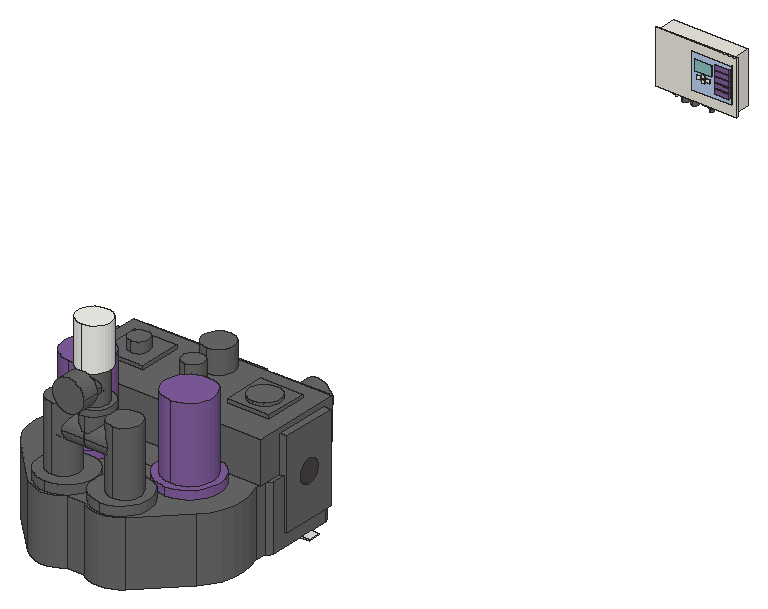
Revit family "28629-c", category Generic Models, Revit 2021
Family settings
  Can host rebar = No
  Round Connector Dimension = Use Diameter
  Part Type = Normal
  Work Plane-Based = No
  Always vertical = Yes
  Cut with Voids When Loaded = No
  Shared = Yes
  Room Calculation Point = No
Parameters (values of type "28629-C")
  SUPPLIER = "KESSEL"
  SA700ID50 = "intern"
  SA700ID49 = "Protection Class I"
  SA700ID48 = "no"
  SA700ID47 = "no"
  SA700ID46 = "yes"
  SA700ID37 = 7000 mm
  SA700ID34 = 38
  SA700ID33 = 1.6 W
  SA700ID32 = 82.00 kg
  SA700ID31 = 1
  SA700ID30 = 2
  SA700ID29 = "RWDR"
  SA700ID21 = 700
  SA700ID10 = "No"
  SA700ID08 = 230 V
  PROCUREWEBLINK = "https://p.caden.as/kessel/28629-C"
  PROCURELINK = "p.caden.as/kessel/28629-C"
  PROCUREDATALASTUPDATE = "2024-05-22T12:17:38.139643796+01:00"
  PRC_SPECIFICATIONLINK = "https://ausschreiben.de/catalog/kessel/catalogItem/acb13c7c-ece4-4828-b82b-6affd5f2e5dd"
  NN = "Lifting station Aqualift F"
  NBSYN = "$SA810ID03."
  NB = "28629-C"
  Model = "28629-C"
  Manufacturer = "KESSEL"
  MIdent = "{$CADENAS_DATA/23d-libs/kessel/kessel_vdi_import/4/entwaesserung/hebeanlage20aqualift20f.prj},202 {STYP=ASS},{VTYP=3D},{NB=28629-C},{LINA=28629-C},{NN=Lifting station Aqualift F},{DATE=21.11.2022 10:45:45},{GEOMDATE=21.11.2022 10:45:45},{VERSION=},{LINEID=160},{WBVAR=LODLEVEL},{WBNUMERIC=LODLEVEL}  {NB=28629-C},{LINA=28629-C},{KT=DUMMY},{PREVIEW=../../bilder/ksb_w_28629c.png},{SA700ID04=Hebeanlage Aqualift F Duo, Comfort, SPF 1400-S3, Schieber},{SA810ID06=04026092058503},{SA700ID34=38.00},{SA010ID03=201805},{SA810ID03=28629-C},{SA810ID10=Die Hebeanlage für fäkalienhaltiges und fäkalienfreies Abwasser ist mit zwei überflutbaren Pumpen sowie einem Rückflussverhinderer ausgestattet. Der Sammelbehälter aus dauerhaft beständigem Kunststoff (PE) bietet universale Anschlussmöglichkeiten und hat eine verschraubte Reinigungsöffnung.Die Steuerung erfolgt durch ein anwenderfreundliches Schaltgerät, das optional über einen potentialfreien Kontakt in die Gebäudeleittechnik eingebunden werden oder Alarm- und Sammelstörmeldungen über eine GSM-Schnittstelle (Comfort Schaltgerät) ausgeben kann.Ausführung:Absperreinrichtung: Schieber aus KunststoffAnlagenart: DoppelanlagePumpensteuerung: SchaltgerätRückflussverhinderer: integriertSchalldämmmatte: jaEinbausituation: freie AufstellungAbwasserart: fäkalienhaltigAllgemeine Merkmale:Farbe: schwarzNorm: EN 12050-1Abmessungen:Länge: 773 mmBreite: 780 mmHöhe: 788 mmBehälter/Grundkörper:Zulauf Anzahl: 2 STZulauf Nennweite (DN): 100 mmZulauf Nennweite (DA): 110 mmZulauf max. Anbohrung (DN): 150 mmAbstand Rohrsohle Zulauf zu Behälterboden: 245 mmAbstand Rohrmitte Auslauf zu Behälterboden: 590 mmAbstand Rohrmitte Zulauf zu Behälterboden: 300 mmAnschluss für Handmembranpumpe (DN): 32Behältervolumen: 120 lDruckabgang: waagerechtDruckabgang (DA): 110 mmDruckabgang (DN): 100 mmEntlüftungsanschluss (DN): 70 mmNutzvolumen: 50 lFreier Kugeldurchgang: 40 mmFördereinrichtung:Pumpe: SPF 1400Anzahl Pumpen: 2Förderhöhe max.: 7 mFörderleistung max.: 38 m3/hBetriebsart: S3 - 50 %Leistung P1: 1,6 kWLeistung P2: 1,1 kWDrehzahl: 1.370 U/minFörderguttemperatur (dauerhaft) max.: 40 °CAnschlusstyp: codierter SteckerGewicht: 25 kgLaufrad Typ: FreistromradLänge Netzanschlussleitung Pumpe: 5 mNennstrom: 7,3 ASchutzart Pumpe: IP 68 (3m/48h)Schutzklasse: ITyp Anschlussleitung Pumpe: H07RN-F 3G 1,0 mm2Temperaturüberwachung: integriertSteuerung:Schaltgerät: ComfortBetriebsspannung: 230 VNetzfrequenz: 50 HzSelbstdiagnosesystem (SDS): jaBatteriepufferung: jaMehrzeilige Displayanzeige: jaLogbuchfunktion: jaUSB-Schnittstelle: jaGSM-Schnittstelle: jaPotentialfreier Kontakt: optionalErforderliche Absicherung (Leitungsschutz): C 16 ASchutzart Schaltgerät: IP 54Länge Netzanschlussleitung Schaltgerät: 1,4 mArt Niveauerfassung: pneumatischInstrument Niveauerfassung: Tauchrohr mit DruckwächterAlarmgeber: Tauchrohr},{SA700ID37=7.00},{SA700ID33=1.60},{SA700ID08=230},{SA700ID30=2},{SA700ID32=82.00},{SA700ID49=Schutzklasse I},{SA700ID50=intern},{SA200ID03=6},{SA250ID03=vertikal},{SA260ID03=Trockenläuferpumpe},{SA350ID03=normalansaugend},{SA400ID03=E-Motor für Wechselstrom},{SA460ID03=direkt},{SA500ID03=Kunststoff, Edelstahl},{SA700ID06=100},{SA700ID07=100},{SA700ID09=1/N/PE 230V},{SA700ID10=Nein},{SA700ID11=50},{SA700ID12=IP 68},{SA700ID13=F},{SA700ID15=40},{SA700ID21=700.00},{SA700ID22=1.10},{SA700ID23=1370},{SA700ID24=1370},{SA700ID26=7.30},{SA700ID27=23.00},{SA700ID28=durchgehend},{SA700ID29=RWDR},{SA700ID31=1},{SA700ID46=ja},{SA700ID47=nein},{SA700ID48=nein},{SA110ID04=Hebeanlage Aqualift F},{SA300ID03=einstufig},{SA700ID44=10.00},{SA700ID45=10.00},{SA010ID04=KESSEL AG},{LODLEVEL=200},{LINK=https://www.kessel.de/info?han=28629-C},{SA970ID01=970},{SA970ID02=7062},{SA970ID03=28629-C},{SA970ID04=11002617},{SA970ID05=QUAD},{SA970ID06=-409.9898987},{SA970ID07=-686},{SA970ID08=0},{SA970ID09=1},{SA970ID10=0},{SA970ID11=0},{SA970ID12=0},{SA970ID13=1},{SA970ID14=0},{SA970ID15=819.98999},{SA970ID16=851},{SA970ID17=798.98999},{LODLEVEL_=200,'Low'},{LODLEVEL_DEU=200,'Low'},{LINK_=https://www.kessel.de/info?han=28629-C},{LINK_DEU=https://www.kessel.de/info?han=28629-C},{LODLEVEL_3DB=28629-C_200},{DNIN1=100},{DNIN2=70},{DNIN3=10},{DNIN4=10},{DNIN5=10},{DNIN6=50},{DNIN7=50},{DNIN8=50},{DNIN9=50},{DNOUT1=100},{DNOUT2=70},{DNOUT3=32},{ISDIN1=75},{ISDIN2=83.200},{ISDIN3=10},{ISDOUT1=60.000},{ISDOUT2=73.200},{ISDOUT3=75},{SA010ID01=010},{SA010ID02=4},{SA010ID06=www.kessel.de},{SA010ID07=www.kessel.de},{SA010ID12=20180713},{SA010ID13=DEU},{SA010ID14=DE},{SA100ID01=100},{SA100ID02=4},{SA100ID04=Entwässerung},{SA110ID01=110},{SA110ID02=4},{SA200ID01=200},{SA200ID02=6},{SA250ID01=250},{SA250ID02=2},{SA260ID01=260},{SA260ID02=2},{SA300ID01=300},{SA300ID02=1},{SA350ID01=350},{SA350ID02=1},{SA400ID01=400},{SA400ID02=1},{SA460ID01=460},{SA460ID02=1},{SA500ID01=500},{SA500ID02=1},{SA700ID01=700},{SA700ID02=28},{SA700ID10_=0},{SA700ID16=0},{SA700ID25=0},{SA700ID46_=1},{SA700ID47_=0},{SA700ID48_=0},{SA700ID49_=1},{SA700ID50_=2},{SA800ID01=800},{SA800ID02=28},{SA810ID01=810},{SA810ID02=28},{SA810ID04=28629-C},{SA810ID07=28},{SA810ID09=1},{SA810ID14=PCE},{SA810ID15=1},{SA810ID16=NMP},{SA960ID03=28},{SA960ID04=3L},{SA960ID08=https://www.kessel.de/info?han=28629-C},{SA010ID08=4026092000007},{SA100ID05=Hebeanlage},{SA110ID06=Hebeanlage}"
  LINK = "https://www.kessel.de/info?han=28629-C"
  LINA = "28629-C"
  Default Elevation = 0 mm
  CREATOR = "CADENAS GmbH"
  CATALOG = "KESSEL"
  BOMINFO = "LINA"
  ARTICLENO = "NB"
  4.810.00.9 Order quantity (multiplicator) = "1"
  4.810.00.7 Media- connection number = "28"
  4.810.00.6 GTIN number = "04026092058503"
  4.810.00.4 DATANORM number = "28629-C"
  4.810.00.3 Producer order number = "28629-C"
  4.710.03.7 Mass (net) = 82.00 kg
  4.710.03.6 Height = 788 mm
  4.710.03.5 Width = 780 mm
  4.710.03.4 Length = 773 mm
  4.710.03.3 Type of dimensions = "2"
  4.710.02.8 Area of application of wastewater pump = "1"
  4.710.02.7 Art des S2/S3-Betriebs = "50 %"
  4.710.02.6 Duty type = "S3"
  4.710.02.5 Cutting device = "0"
  4.710.02.4 Attached pump control = "1"
  4.710.02.3 Free passage = 40 mm
  4.710.01.6 Option to connect to building automation = "40"
  4.710.01.5 Load regulation = "0"
  4.710.01.4 Designation of closed-loop control = "50"
  4.710.01.3 Identifier for closed-loop control = "120"
  4.700.00.9 Voltage = 0
  4.700.00.8 Nominal connection size on suction side = "100"
  4.700.00.7 Nominal connection size on pressure side = "100"
  4.700.00.6 Type of connection = "100"
  4.700.00.4 Product indentification = "Hebeanlage Aqualift F Duo, Comfort, SPF 1400-S3, Schieber"
  4.700.00.28 Motor pump shaft = "durchgehend"
  4.700.00.27 Starting current = 23
  4.700.00.26 Maximum power consumption per pump / drive = 7.3
  4.700.00.25 Minimum speed at internal speed adjustment = 0
  4.700.00.24 Nominal speed / maximum speed n = 22.8333
  4.700.00.23 Nominal speed of motor = 22.8333
  4.700.00.22 Maximum shaft output (P2) per pump/drive = 1.1 W
  4.700.00.16 Maximum temperature of pumped medium = 0 °C
  4.700.00.15 Increased safety class = "40 °C"
  4.700.00.13 Type of protection = "F"
  4.700.00.12 Frequency = 0
  4.700.00.11 Stern-/Dreieck-Anlaufschaltung bei Dreiphasenanschluss oder Drehstrom = "50 Hz"
  4.700.00.10 Phase = "0"
  4.500.00.3 Variant / Variant type / Accessories-name = "Kunststoff, Edelstahl"
  4.460.00.3 Variant / Variant type / Accessories-name = "direkt"
  4.400.00.3 Variant / Variant type / Accessories-name = "E-Motor für Wechselstrom"
  4.350.00.3 Variant / Variant type / Accessories-name = "normalansaugend"
  4.300.00.3 Variant / Variant type / Accessories-name = "einstufig"
  4.260.00.3 Variant / Variant type / Accessories-name = "Trockenläuferpumpe"
  4.250.00.3 Variant / Variant type / Accessories-name = "vertikal"
  4.200.00.3 Variant / Variant type / Accessories-name = "6"
  4.110.00.6 Product classification = "Hebeanlage"
  4.110.00.4 Product indentification = "Hebeanlage Aqualift F"
  4.100.00.5 Main groups of wares = "Hebeanlage"
  4.100.00.4 Product indentification = "Entwässerung"
  4.010.00.8 Producer ID number = "4026092000007"
  4.010.00.7 Comment = "www.kessel.de"
  4.010.00.6 Web address of the manufacturer = "www.kessel.de"
  4.010.00.4 Manufacturer name = "KESSEL AG"
  4.010.00.3 Date of issuance (month) of guideline = "201805"
  4.010.00.2 Sheet number of the guideline = "4"
  4.010.00.14 Kennungen der Projektländer, für die die Datei gültig ist = "DE"
  4.010.00.13 Sprache der Datei = "DEU"
  4.010.00.12 Stand des Herstellerkatalogs = "20180713"
Reference planes
  plane 1 "Center (Front/Back)": y = 0
  plane 2: z = 0
  plane 3 "Center (Left/Right)": x = 0
Dimensions and locks
  aligned and locked: level to plane 2
Nested families
  nested 1: "28629-c_content" at (0, 0, 0), type "28629-C_Content"
  nested 2: "28629-c_part1_X0Y0" at (1000, 1000, 1200), type "28629-C_PART1_X0Y0"
  nested 3: "28629-c_part2_X0Y0" at (0, 0, 0), type "28629-C_PART2_X0Y0"
Connectors
  electrical at (896, 972.5, 1160.5)
    settings: on nested 2, index 1, voltage 230 V, apparent load 0 VA, apparent load phase1 0 VA, apparent load phase2 0 VA, apparent load phase3 0 VA, power factor 1, load classification "Other", number of poles 3, system type 31, power factor state 1, is connector primary yes, connector utility no, sub classification motor no, connector description ""
  electrical at (930, 972.5, 1157.9)
    settings: on nested 2, index 2, voltage 0 V, apparent load 0 VA, apparent load phase1 0 VA, apparent load phase2 0 VA, apparent load phase3 0 VA, power factor 1, load classification "Other", number of poles 1, system type 31, power factor state 1, is connector primary no, connector utility no, sub classification motor no, connector description ""
  electrical at (964, 972.5, 1157.9)
    settings: on nested 2, index 3, voltage 0 V, apparent load 0 VA, apparent load phase1 0 VA, apparent load phase2 0 VA, apparent load phase3 0 VA, power factor 1, load classification "Other", number of poles 1, system type 31, power factor state 1, is connector primary no, connector utility no, sub classification motor no, connector description ""
  electrical at (1002, 972.5, 1170.2)
    settings: on nested 2, index 4, voltage 0 V, apparent load 0 VA, apparent load phase1 0 VA, apparent load phase2 0 VA, apparent load phase3 0 VA, power factor 1, load classification "Other", number of poles 1, system type 31, power factor state 1, is connector primary no, connector utility no, sub classification motor no, connector description ""
  electrical at (1026, 972.5, 1155.55)
    settings: on nested 2, index 5, voltage 0 V, apparent load 0 VA, apparent load phase1 0 VA, apparent load phase2 0 VA, apparent load phase3 0 VA, power factor 1, load classification "Other", number of poles 1, system type 31, power factor state 1, is connector primary no, connector utility no, sub classification motor no, connector description ""
  electrical at (1054, 972.5, 1198.5)
    settings: on nested 2, index 6, voltage 0 V, apparent load 0 VA, apparent load phase1 0 VA, apparent load phase2 0 VA, apparent load phase3 0 VA, power factor 1, load classification "Other", number of poles 1, system type 31, power factor state 1, is connector primary no, connector utility no, sub classification motor no, connector description ""
  electrical at (1082, 972.5, 1198.5)
    settings: on nested 2, index 7, voltage 0 V, apparent load 0 VA, apparent load phase1 0 VA, apparent load phase2 0 VA, apparent load phase3 0 VA, power factor 1, load classification "Other", number of poles 1, system type 31, power factor state 1, is connector primary no, connector utility no, sub classification motor no, connector description ""
  piping at (230, 164.99, 301), diameter 100
    settings: on nested 3, index 8, connector inside diameter 609.6 mm, connector length 0 mm, flow factor 0, pipe flow 0.0 L/s, pressure drop 0.0 Pa, fitting loss kfactor 0, connector angle 0.00°, fixture units 0, engagement length 0 mm, angle of deflection 0.00°, flow configuration 0, flow direction 1, fitting loss method 2, system type 29, joint type 0, gender type 0, connector reference index -1, connector utility 0, adjustable connector no, is connector primary yes, connector description ""
  piping at (0, 0, 471), diameter 100
    settings: on nested 3, index 9, connector inside diameter 609.6 mm, connector length 0 mm, flow factor 0, pipe flow 0.0 L/s, pressure drop 0.0 Pa, fitting loss kfactor 0, connector angle 0.00°, fixture units 0, engagement length 0 mm, angle of deflection 0.00°, flow configuration 0, flow direction 1, fitting loss method 2, system type 29, joint type 0, gender type 0, connector reference index -1, connector utility 0, adjustable connector no, is connector primary no, connector description ""
  piping at (391.5, -74.999, 214), diameter 70
    settings: on nested 3, index 10, connector inside diameter 609.6 mm, connector length 0 mm, flow factor 0, pipe flow 0.0 L/s, pressure drop 0.0 Pa, fitting loss kfactor 0, connector angle 0.00°, fixture units 0, engagement length 0 mm, angle of deflection 0.00°, flow configuration 0, flow direction 0, fitting loss method 2, system type 29, joint type 0, gender type 0, connector reference index -1, connector utility 0, adjustable connector no, is connector primary no, connector description ""
  piping at (0.999, 96.5, 214), diameter 70
    settings: on nested 3, index 11, connector inside diameter 609.6 mm, connector length 0 mm, flow factor 0, pipe flow 0.0 L/s, pressure drop 0.0 Pa, fitting loss kfactor 0, connector angle 0.00°, fixture units 0, engagement length 0 mm, angle of deflection 0.00°, flow configuration 0, flow direction 0, fitting loss method 2, system type 29, joint type 0, gender type 0, connector reference index -1, connector utility 0, adjustable connector no, is connector primary no, connector description ""
  piping at (-230.25, 91.49, 214), diameter 70
    settings: on nested 3, index 12, connector inside diameter 609.6 mm, connector length 0 mm, flow factor 0, pipe flow 0.0 L/s, pressure drop 0.0 Pa, fitting loss kfactor 0, connector angle 0.00°, fixture units 0, engagement length 0 mm, angle of deflection 0.00°, flow configuration 0, flow direction 0, fitting loss method 2, system type 29, joint type 0, gender type 0, connector reference index -1, connector utility 0, adjustable connector no, is connector primary no, connector description ""
  piping at (-391.5, -75, 214), diameter 70
    settings: on nested 3, index 13, connector inside diameter 609.6 mm, connector length 0 mm, flow factor 0, pipe flow 0.0 L/s, pressure drop 0.0 Pa, fitting loss kfactor 0, connector angle 0.00°, fixture units 0, engagement length 0 mm, angle of deflection 0.00°, flow configuration 0, flow direction 0, fitting loss method 2, system type 29, joint type 0, gender type 0, connector reference index -1, connector utility 0, adjustable connector no, is connector primary no, connector description ""
  piping at (0, -115, 461), diameter 70
    settings: on nested 3, index 14, connector inside diameter 609.6 mm, connector length 0 mm, flow factor 0, pipe flow 0.0 L/s, pressure drop 0.0 Pa, fitting loss kfactor 0, connector angle 0.00°, fixture units 0, engagement length 0 mm, angle of deflection 0.00°, flow configuration 0, flow direction 2, fitting loss method 2, system type 29, joint type 0, gender type 0, connector reference index -1, connector utility 0, adjustable connector no, is connector primary no, connector description ""
  piping at (0, -686, 591), diameter 100
    settings: on nested 3, index 15, connector inside diameter 609.6 mm, connector length 0 mm, flow factor 0, pipe flow 0.0 L/s, pressure drop 0.0 Pa, fitting loss kfactor 0, connector angle 0.00°, fixture units 0, engagement length 0 mm, angle of deflection 0.00°, flow configuration 0, flow direction 2, fitting loss method 2, system type 29, joint type 0, gender type 0, connector reference index -1, connector utility 0, adjustable connector no, is connector primary no, connector description ""
  piping at (230, 164.99, 81.07), diameter 32
    settings: on nested 3, index 16, connector inside diameter 609.6 mm, connector length 0 mm, flow factor 0, pipe flow 0.0 L/s, pressure drop 0.0 Pa, fitting loss kfactor 0, connector angle 0.00°, fixture units 0, engagement length 0 mm, angle of deflection 0.00°, flow configuration 0, flow direction 2, fitting loss method 2, system type 29, joint type 0, gender type 0, connector reference index -1, connector utility 0, adjustable connector no, is connector primary no, connector description ""
  electrical at (185, -365, 537)
    settings: on nested 3, index 17, voltage 0 V, apparent load 0 VA, apparent load phase1 0 VA, apparent load phase2 0 VA, apparent load phase3 0 VA, power factor 1, load classification "Other", number of poles 1, system type 31, power factor state 1, is connector primary no, connector utility no, sub classification motor no, connector description ""
  electrical at (-185, -364.75, 537)
    settings: on nested 3, index 18, voltage 0 V, apparent load 0 VA, apparent load phase1 0 VA, apparent load phase2 0 VA, apparent load phase3 0 VA, power factor 1, load classification "Other", number of poles 1, system type 31, power factor state 1, is connector primary no, connector utility no, sub classification motor no, connector description ""
  electrical at (-230.6, -74.8, 436.49)
    settings: on nested 3, index 19, voltage 0 V, apparent load 0 VA, apparent load phase1 0 VA, apparent load phase2 0 VA, apparent load phase3 0 VA, power factor 1, load classification "Other", number of poles 1, system type 31, power factor state 1, is connector primary no, connector utility no, sub classification motor no, connector description ""
Definition of nested family "28629-c_part1_X0Y0"
  Parameters (values of type "28629-C_PART1_X0Y0")
    SUPPLIER = "KESSEL"
    SA700ID50 = "intern"
    SA700ID49 = "Protection Class I"
    SA700ID48 = "no"
    SA700ID47 = "no"
    SA700ID46 = "yes"
    SA700ID37 = 7000 mm
    SA700ID34 = 38
    SA700ID33 = 1.6 W
    SA700ID32 = 82.00 kg
    SA700ID31 = 1
    SA700ID30 = 2
    SA700ID29 = "RWDR"
    SA700ID21 = 700
    SA700ID10 = "No"
    SA700ID08 = 230 V
    NBSYN = "$SA810ID03._PART1"
    NB = "28629-C_PART1"
    Model = "28629-C_PART1"
    Manufacturer = "KESSEL"
    MIdent = "{$CADENAS_DATA/23d-libs/kessel/kessel_vdi_import/4/entwaesserung/hebeanlage20aqualift20f.prj},222 {VTYP=3D},{NB=28629-C_PART1},{LINA=28629-C_PART1},{NN=Lifting station Aqualift F_PART1},{NOPRJ=TRUE},{DATE=21.11.2022 10:45:45},{GEOMDATE=21.11.2022 10:45:45},{VERSION=},{LINEID=160},{WBVAR=LODLEVEL},{WBNUMERIC=LODLEVEL}  {NB=28629-C_PART1},{LINA=28629-C_PART1},{KT=DUMMY},{PREVIEW=../../bilder/ksb_w_28629c.png},{SA700ID04=Hebeanlage Aqualift F Duo, Comfort, SPF 1400-S3, Schieber},{SA810ID06=04026092058503},{SA700ID34=38.00},{SA010ID03=201805},{SA810ID03=28629-C},{SA810ID10=Die Hebeanlage für fäkalienhaltiges und fäkalienfreies Abwasser ist mit zwei überflutbaren Pumpen sowie einem Rückflussverhinderer ausgestattet. Der Sammelbehälter aus dauerhaft beständigem Kunststoff (PE) bietet universale Anschlussmöglichkeiten und hat eine verschraubte Reinigungsöffnung.Die Steuerung erfolgt durch ein anwenderfreundliches Schaltgerät, das optional über einen potentialfreien Kontakt in die Gebäudeleittechnik eingebunden werden oder Alarm- und Sammelstörmeldungen über eine GSM-Schnittstelle (Comfort Schaltgerät) ausgeben kann.Ausführung:Absperreinrichtung: Schieber aus KunststoffAnlagenart: DoppelanlagePumpensteuerung: SchaltgerätRückflussverhinderer: integriertSchalldämmmatte: jaEinbausituation: freie AufstellungAbwasserart: fäkalienhaltigAllgemeine Merkmale:Farbe: schwarzNorm: EN 12050-1Abmessungen:Länge: 773 mmBreite: 780 mmHöhe: 788 mmBehälter/Grundkörper:Zulauf Anzahl: 2 STZulauf Nennweite (DN): 100 mmZulauf Nennweite (DA): 110 mmZulauf max. Anbohrung (DN): 150 mmAbstand Rohrsohle Zulauf zu Behälterboden: 245 mmAbstand Rohrmitte Auslauf zu Behälterboden: 590 mmAbstand Rohrmitte Zulauf zu Behälterboden: 300 mmAnschluss für Handmembranpumpe (DN): 32Behältervolumen: 120 lDruckabgang: waagerechtDruckabgang (DA): 110 mmDruckabgang (DN): 100 mmEntlüftungsanschluss (DN): 70 mmNutzvolumen: 50 lFreier Kugeldurchgang: 40 mmFördereinrichtung:Pumpe: SPF 1400Anzahl Pumpen: 2Förderhöhe max.: 7 mFörderleistung max.: 38 m3/hBetriebsart: S3 - 50 %Leistung P1: 1,6 kWLeistung P2: 1,1 kWDrehzahl: 1.370 U/minFörderguttemperatur (dauerhaft) max.: 40 °CAnschlusstyp: codierter SteckerGewicht: 25 kgLaufrad Typ: FreistromradLänge Netzanschlussleitung Pumpe: 5 mNennstrom: 7,3 ASchutzart Pumpe: IP 68 (3m/48h)Schutzklasse: ITyp Anschlussleitung Pumpe: H07RN-F 3G 1,0 mm2Temperaturüberwachung: integriertSteuerung:Schaltgerät: ComfortBetriebsspannung: 230 VNetzfrequenz: 50 HzSelbstdiagnosesystem (SDS): jaBatteriepufferung: jaMehrzeilige Displayanzeige: jaLogbuchfunktion: jaUSB-Schnittstelle: jaGSM-Schnittstelle: jaPotentialfreier Kontakt: optionalErforderliche Absicherung (Leitungsschutz): C 16 ASchutzart Schaltgerät: IP 54Länge Netzanschlussleitung Schaltgerät: 1,4 mArt Niveauerfassung: pneumatischInstrument Niveauerfassung: Tauchrohr mit DruckwächterAlarmgeber: Tauchrohr},{SA700ID37=7.00},{SA700ID33=1.60},{SA700ID08=230},{SA700ID30=2},{SA700ID32=82.00},{SA700ID49=Schutzklasse I},{SA700ID50=intern},{SA200ID03=6},{SA250ID03=vertikal},{SA260ID03=Trockenläuferpumpe},{SA350ID03=normalansaugend},{SA400ID03=E-Motor für Wechselstrom},{SA460ID03=direkt},{SA500ID03=Kunststoff, Edelstahl},{SA700ID06=100},{SA700ID07=100},{SA700ID09=1/N/PE 230V},{SA700ID10=Nein},{SA700ID11=50},{SA700ID12=IP 68},{SA700ID13=F},{SA700ID15=40},{SA700ID21=700.00},{SA700ID22=1.10},{SA700ID23=1370},{SA700ID24=1370},{SA700ID26=7.30},{SA700ID27=23.00},{SA700ID28=durchgehend},{SA700ID29=RWDR},{SA700ID31=1},{SA700ID46=ja},{SA700ID47=nein},{SA700ID48=nein},{SA110ID04=Hebeanlage Aqualift F},{SA300ID03=einstufig},{SA700ID44=10.00},{SA700ID45=10.00},{SA010ID04=KESSEL AG},{LODLEVEL=200},{LINK=https://www.kessel.de/info?han=28629-C},{SA970ID01=970},{SA970ID02=7062},{SA970ID03=28629-C},{SA970ID04=11002617},{SA970ID05=QUAD},{SA970ID06=-409.9898987},{SA970ID07=-686},{SA970ID08=0},{SA970ID09=1},{SA970ID10=0},{SA970ID11=0},{SA970ID12=0},{SA970ID13=1},{SA970ID14=0},{SA970ID15=819.98999},{SA970ID16=851},{SA970ID17=798.98999},{LODLEVEL_=200,'Low'},{LODLEVEL_DEU=200,'Low'},{LINK_=https://www.kessel.de/info?han=28629-C},{LINK_DEU=https://www.kessel.de/info?han=28629-C},{LODLEVEL_3DB=28629-C_200},{DNIN1=100},{DNIN2=70},{DNIN3=10},{DNIN4=10},{DNIN5=10},{DNIN6=50},{DNIN7=50},{DNIN8=50},{DNIN9=50},{DNOUT1=100},{DNOUT2=70},{DNOUT3=32},{ISDIN1=75},{ISDIN2=83.200},{ISDIN3=10},{ISDOUT1=60.000},{ISDOUT2=73.200},{ISDOUT3=75},{SA010ID01=010},{SA010ID02=4},{SA010ID06=www.kessel.de},{SA010ID07=www.kessel.de},{SA010ID12=20180713},{SA010ID13=DEU},{SA010ID14=DE},{SA100ID01=100},{SA100ID02=4},{SA100ID04=Entwässerung},{SA110ID01=110},{SA110ID02=4},{SA200ID01=200},{SA200ID02=6},{SA250ID01=250},{SA250ID02=2},{SA260ID01=260},{SA260ID02=2},{SA300ID01=300},{SA300ID02=1},{SA350ID01=350},{SA350ID02=1},{SA400ID01=400},{SA400ID02=1},{SA460ID01=460},{SA460ID02=1},{SA500ID01=500},{SA500ID02=1},{SA700ID01=700},{SA700ID02=28},{SA700ID10_=0},{SA700ID16=0},{SA700ID25=0},{SA700ID46_=1},{SA700ID47_=0},{SA700ID48_=0},{SA700ID49_=1},{SA700ID50_=2},{SA800ID01=800},{SA800ID02=28},{SA810ID01=810},{SA810ID02=28},{SA810ID04=28629-C},{SA810ID07=28},{SA810ID09=1},{SA810ID14=PCE},{SA810ID15=1},{SA810ID16=NMP},{SA960ID03=28},{SA960ID04=3L},{SA960ID08=https://www.kessel.de/info?han=28629-C},{SA010ID08=4026092000007},{SA100ID05=Hebeanlage},{SA110ID06=Hebeanlage}"
    LINK = "https://www.kessel.de/info?han=28629-C"
    LINA = "28629-C_PART1"
    Default Elevation = 1219.2 mm
    CREATOR = "CADENAS GmbH"
    CATALOG = "KESSEL"
    BOMINFO = "LINA"
    ARTICLENO = "NB"
    4.810.00.9 Order quantity (multiplicator) = "1"
    4.810.00.7 Media- connection number = "28"
    4.810.00.6 GTIN number = "04026092058503"
    4.810.00.4 DATANORM number = "28629-C"
    4.810.00.3 Producer order number = "28629-C"
    4.710.03.7 Mass (net) = 82.00 kg
    4.710.03.6 Height = 788 mm
    4.710.03.5 Width = 780 mm
    4.710.03.4 Length = 773 mm
    4.710.03.3 Type of dimensions = "2"
    4.710.02.8 Area of application of wastewater pump = "1"
    4.710.02.7 Art des S2/S3-Betriebs = "50 %"
    4.710.02.6 Duty type = "S3"
    4.710.02.5 Cutting device = "0"
    4.710.02.4 Attached pump control = "1"
    4.710.02.3 Free passage = 40 mm
    4.710.01.6 Option to connect to building automation = "40"
    4.710.01.5 Load regulation = "0"
    4.710.01.4 Designation of closed-loop control = "50"
    4.710.01.3 Identifier for closed-loop control = "120"
    4.700.00.9 Voltage = 0
    4.700.00.8 Nominal connection size on suction side = "100"
    4.700.00.7 Nominal connection size on pressure side = "100"
    4.700.00.6 Type of connection = "100"
    4.700.00.4 Product indentification = "Hebeanlage Aqualift F Duo, Comfort, SPF 1400-S3, Schieber"
    4.700.00.28 Motor pump shaft = "durchgehend"
    4.700.00.27 Starting current = 23
    4.700.00.26 Maximum power consumption per pump / drive = 7.3
    4.700.00.25 Minimum speed at internal speed adjustment = 0
    4.700.00.24 Nominal speed / maximum speed n = 22.8333
    4.700.00.23 Nominal speed of motor = 22.8333
    4.700.00.22 Maximum shaft output (P2) per pump/drive = 1.1 W
    4.700.00.16 Maximum temperature of pumped medium = 0 °C
    4.700.00.15 Increased safety class = "40 °C"
    4.700.00.13 Type of protection = "F"
    4.700.00.12 Frequency = 0
    4.700.00.11 Stern-/Dreieck-Anlaufschaltung bei Dreiphasenanschluss oder Drehstrom = "50 Hz"
    4.700.00.10 Phase = "0"
    4.500.00.3 Variant / Variant type / Accessories-name = "Kunststoff, Edelstahl"
    4.460.00.3 Variant / Variant type / Accessories-name = "direkt"
    4.400.00.3 Variant / Variant type / Accessories-name = "E-Motor für Wechselstrom"
    4.350.00.3 Variant / Variant type / Accessories-name = "normalansaugend"
    4.300.00.3 Variant / Variant type / Accessories-name = "einstufig"
    4.260.00.3 Variant / Variant type / Accessories-name = "Trockenläuferpumpe"
    4.250.00.3 Variant / Variant type / Accessories-name = "vertikal"
    4.200.00.3 Variant / Variant type / Accessories-name = "6"
    4.110.00.6 Product classification = "Hebeanlage"
    4.110.00.4 Product indentification = "Hebeanlage Aqualift F"
    4.100.00.5 Main groups of wares = "Hebeanlage"
    4.100.00.4 Product indentification = "Entwässerung"
    4.010.00.8 Producer ID number = "4026092000007"
    4.010.00.7 Comment = "www.kessel.de"
    4.010.00.6 Web address of the manufacturer = "www.kessel.de"
    4.010.00.4 Manufacturer name = "KESSEL AG"
    4.010.00.3 Date of issuance (month) of guideline = "201805"
    4.010.00.2 Sheet number of the guideline = "4"
    4.010.00.14 Kennungen der Projektländer, für die die Datei gültig ist = "DE"
    4.010.00.13 Sprache der Datei = "DEU"
    4.010.00.12 Stand des Herstellerkatalogs = "20180713"
  Reference planes
    plane 1 "Center (Front/Back)": y = 0
    plane 2: z = 0
    plane 3 "Center (Left/Right)": x = 0
  Dimensions and locks
    aligned and locked: level to plane 2
  Nested families
    nested 1: "28629-c_part1_content" at (0, 0, 0), type "28629-C_PART1_Content"
  Definition of nested family "28629-c_part1_content"
    Parameters (values of type "28629-C_PART1_Content")
      SUPPLIER = "KESSEL"
      SA700ID50 = "intern"
      SA700ID49 = "Protection Class I"
      SA700ID48 = "no"
      SA700ID47 = "no"
      SA700ID46 = "yes"
      SA700ID37 = 7000 mm
      SA700ID34 = 38
      SA700ID33 = 1.6 W
      SA700ID32 = 82.00 kg
      SA700ID31 = 1
      SA700ID30 = 2
      SA700ID29 = "RWDR"
      SA700ID21 = 700
      SA700ID10 = "No"
      SA700ID08 = 230 V
      NBSYN = "$SA810ID03._PART1"
      NB = "28629-C_PART1"
      Model = "28629-C_PART1"
      Manufacturer = "KESSEL"
      LINK = "https://www.kessel.de/info?han=28629-C"
      LINA = "28629-C_PART1"
      Default Elevation = 1219.2 mm
      CREATOR = "CADENAS GmbH"
      CATALOG = "KESSEL"
      BOMINFO = "LINA"
      ARTICLENO = "NB"
      4.810.00.9 Order quantity (multiplicator) = "1"
      4.810.00.7 Media- connection number = "28"
      4.810.00.6 GTIN number = "04026092058503"
      4.810.00.4 DATANORM number = "28629-C"
      4.810.00.3 Producer order number = "28629-C"
      4.710.03.7 Mass (net) = 82.00 kg
      4.710.03.6 Height = 788 mm
      4.710.03.5 Width = 780 mm
      4.710.03.4 Length = 773 mm
      4.710.03.3 Type of dimensions = "2"
      4.710.02.8 Area of application of wastewater pump = "1"
      4.710.02.7 Art des S2/S3-Betriebs = "50 %"
      4.710.02.6 Duty type = "S3"
      4.710.02.5 Cutting device = "0"
      4.710.02.4 Attached pump control = "1"
      4.710.02.3 Free passage = 40 mm
      4.710.01.6 Option to connect to building automation = "40"
      4.710.01.5 Load regulation = "0"
      4.710.01.4 Designation of closed-loop control = "50"
      4.710.01.3 Identifier for closed-loop control = "120"
      4.700.00.9 Voltage = 0
      4.700.00.8 Nominal connection size on suction side = "100"
      4.700.00.7 Nominal connection size on pressure side = "100"
      4.700.00.6 Type of connection = "100"
      4.700.00.4 Product indentification = "Hebeanlage Aqualift F Duo, Comfort, SPF 1400-S3, Schieber"
      4.700.00.28 Motor pump shaft = "durchgehend"
      4.700.00.27 Starting current = 23
      4.700.00.26 Maximum power consumption per pump / drive = 7.3
      4.700.00.25 Minimum speed at internal speed adjustment = 0
      4.700.00.24 Nominal speed / maximum speed n = 22.8333
      4.700.00.23 Nominal speed of motor = 22.8333
      4.700.00.22 Maximum shaft output (P2) per pump/drive = 1.1 W
      4.700.00.16 Maximum temperature of pumped medium = 0 °C
      4.700.00.15 Increased safety class = "40 °C"
      4.700.00.13 Type of protection = "F"
      4.700.00.12 Frequency = 0
      4.700.00.11 Stern-/Dreieck-Anlaufschaltung bei Dreiphasenanschluss oder Drehstrom = "50 Hz"
      4.700.00.10 Phase = "0"
      4.500.00.3 Variant / Variant type / Accessories-name = "Kunststoff, Edelstahl"
      4.460.00.3 Variant / Variant type / Accessories-name = "direkt"
      4.400.00.3 Variant / Variant type / Accessories-name = "E-Motor für Wechselstrom"
      4.350.00.3 Variant / Variant type / Accessories-name = "normalansaugend"
      4.300.00.3 Variant / Variant type / Accessories-name = "einstufig"
      4.260.00.3 Variant / Variant type / Accessories-name = "Trockenläuferpumpe"
      4.250.00.3 Variant / Variant type / Accessories-name = "vertikal"
      4.200.00.3 Variant / Variant type / Accessories-name = "6"
      4.110.00.6 Product classification = "Hebeanlage"
      4.110.00.4 Product indentification = "Hebeanlage Aqualift F"
      4.100.00.5 Main groups of wares = "Hebeanlage"
      4.100.00.4 Product indentification = "Entwässerung"
      4.010.00.8 Producer ID number = "4026092000007"
      4.010.00.7 Comment = "www.kessel.de"
      4.010.00.6 Web address of the manufacturer = "www.kessel.de"
      4.010.00.4 Manufacturer name = "KESSEL AG"
      4.010.00.3 Date of issuance (month) of guideline = "201805"
      4.010.00.2 Sheet number of the guideline = "4"
      4.010.00.14 Kennungen der Projektländer, für die die Datei gültig ist = "DE"
      4.010.00.13 Sprache der Datei = "DEU"
      4.010.00.12 Stand des Herstellerkatalogs = "20180713"
    Reference planes
      plane 1 "Center (Front/Back)": y = 0
      plane 2: z = 0
      plane 3 "Center (Left/Right)": x = 0
    Forms (mm)
      Extrusion 1, solid, detail levels medium+fine
        sketch origin (49.8, -68, 72.1) x (0, -1, 0) y (0, 0, 1)
          loop
            line (-0.5, 12) -> (-0.5, 0) -> (1, 0) -> (1, 12) -> (-0.5, 12)
        from 0 to 12
      Extrusion 2, solid, detail levels medium+fine
        sketch origin (129.3, -67, 28.2) x (0, -1, 0) y (0, 0, 1)
          loop
            line (-0.5, 127) -> (-0.5, 0) -> (1, 0) -> (1, 127) -> (-0.5, 127)
        from 0 to 146
      Extrusion 3, solid, detail levels medium+fine
        sketch origin (33.3, -68, 80.45) x (0, -1, 0) y (0, 0, 1)
          loop
            line (-0.5, 12) -> (-0.5, 0) -> (1, 0) -> (1, 12) -> (-0.5, 12)
        from 0 to 12
      Extrusion 4, solid, detail levels medium+fine
        sketch origin (33.3, -68, 63.95) x (0, -1, 0) y (0, 0, 1)
          loop
            line (-0.5, 12) -> (-0.5, 0) -> (1, 0) -> (1, 12) -> (-0.5, 12)
        from 0 to 12
      Extrusion 5, solid, detail levels medium+fine
        sketch origin (56.3, -68, 95.45) x (0, -1, 0) y (0, 0, 1)
          loop
            line (-0.5, 37) -> (-0.5, 0) -> (1, 0) -> (1, 37) -> (-0.5, 37)
        from 0 to 60
      Extrusion 6, solid, detail levels medium+fine
        sketch origin (121.8, -68, 85.7) x (0, -1, 0) y (0, 0, 1)
          loop
            line (0, 16) -> (0, 0) -> (2, 0) -> (2, 16) -> (0, 16)
        from 0 to 51
      Extrusion 7, solid, detail levels medium+fine
        sketch origin (121.8, -68, 65.7) x (0, -1, 0) y (0, 0, 1)
          loop
            line (0, 16) -> (0, 0) -> (2, 0) -> (2, 16) -> (0, 16)
        from 0 to 51
      Extrusion 8, solid, detail levels medium+fine
        sketch origin (121.8, -68, 105.7) x (0, -1, 0) y (0, 0, 1)
          loop
            line (0, 16) -> (0, 0) -> (2, 0) -> (2, 16) -> (0, 16)
        from 0 to 51
      Extrusion 9, solid, detail levels medium+fine
        sketch origin (16.8, -68, 72.2) x (0, -1, 0) y (0, 0, 1)
          loop
            line (-0.5, 12) -> (-0.5, 0) -> (1, 0) -> (1, 12) -> (-0.5, 12)
        from 0 to 12
      Extrusion 10, solid, detail levels medium+fine
        sketch origin (121.8, -68, 45.7) x (0, -1, 0) y (0, 0, 1)
          loop
            line (0, 16) -> (0, 0) -> (2, 0) -> (2, 16) -> (0, 16)
        from 0 to 51
      Extrusion 11, solid, detail levels medium+fine
        sketch origin (147, -63.5, -7) x (0, -1, 0) y (0, 0, 1)
          loop
            line (0, 194) -> (0, 0) -> (3.5, 0) -> (3.5, 194) -> (0, 194)
        from 0 to 294
      Extrusion 12, solid, detail levels medium+fine
        sketch origin (136.25, 0, 0) x (0, -1, 0) y (0, 0, 1)
          loop
            line (0, 184) -> (0, 0) -> (63.5, 0) -> (63.5, 184) -> (0, 184)
        from 0 to 272.5
      Extrusion 13, solid, detail levels medium+fine
        sketch origin (121.75, -68, 125.75) x (0, -1, 0) y (0, 0, 1)
          loop
            line (0, 16) -> (0, 0) -> (2, 0) -> (2, 16) -> (0, 16)
        from 0 to 51
      Extrusion 14, solid, detail levels medium+fine
        sketch origin (26, -27.5, 0) x (1, 0, 0) y (0, -1, 0)
          loop
            circle (0, 0) r 11
        from 0 to 11
      Extrusion 15, solid, detail levels medium+fine
        sketch origin (26, -27.5, -11) x (1, 0, 0) y (0, -1, 0)
          loop
            circle (0, 0) r 11
        from 0 to 19.8
      Extrusion 16, solid, detail levels medium+fine
        sketch origin (26, -27.5, -30.7) x (1, 0, 0) y (0, -1, 0)
          loop
            circle (0, 0) r 6
        from 0 to 13.75
      Extrusion 17, solid, detail levels medium+fine
        sketch origin (2, -27.5, 0) x (1, 0, 0) y (0, -1, 0)
          loop
            circle (0, 0) r 11
        from 0 to 20
      Extrusion 18, solid, detail levels medium+fine
        sketch origin (2, -27.5, -20) x (1, 0, 0) y (0, -1, 0)
          loop
            circle (0, 0) r 8.65
        from 0 to 9.8
      Extrusion 19, solid, detail levels medium+fine
        sketch origin (-36, -27.5, 0) x (1, 0, 0) y (0, -1, 0)
          loop
            circle (0, 0) r 12
        from 0 to 15
      Extrusion 20, solid, detail levels medium+fine
        sketch origin (-36, -27.5, -15) x (1, 0, 0) y (0, -1, 0)
          loop
            circle (0, 0) r 11.75
        from 0 to 27.1
      Extrusion 21, solid, detail levels medium+fine
        sketch origin (54, -27.5, 0) x (1, 0, 0) y (0, -1, 0)
          loop
            circle (0, 0) r 10
        from 0 to 1.5
      Extrusion 22, solid, detail levels medium+fine
        sketch origin (-70, -27.5, 0) x (1, 0, 0) y (0, -1, 0)
          loop
            circle (0, 0) r 12
        from 0 to 15
      Extrusion 23, solid, detail levels medium+fine
        sketch origin (-70, -27.5, -15) x (1, 0, 0) y (0, -1, 0)
          loop
            circle (0, 0) r 11.75
        from 0 to 27.1
      Extrusion 24, solid, detail levels medium+fine
        sketch origin (82, -27.5, 0) x (1, 0, 0) y (0, -1, 0)
          loop
            circle (0, 0) r 10
        from 0 to 1.5
      Extrusion 25, solid, detail levels medium+fine
        sketch origin (-104, -27.5, 0) x (1, 0, 0) y (0, -1, 0)
          loop
            circle (0, 0) r 10
        from 0 to 9
      Extrusion 26, solid, detail levels medium+fine
        sketch origin (-104, -27.5, -9) x (1, 0, 0) y (0, -1, 0)
          loop
            circle (0, 0) r 11
        from 0 to 20.5
      Extrusion 27, solid, detail levels medium+fine
        sketch origin (-104, -27.5, -29.5) x (1, 0, 0) y (0, -1, 0)
          loop
            circle (0, 0) r 3
        from 0 to 10
      Extrusion 28, solid, detail levels medium+fine
        sketch origin (110, -27.5, 0) x (1, 0, 0) y (0, -1, 0)
          loop
            circle (0, 0) r 13.5
        from 0 to 1.5
      Extrusion 29, solid, detail levels coarse
        sketch origin (0, -35, -44.45) x (1, 0, 0) y (0, 1, 0)
          loop
            line (-147, -35) -> (147, -35) -> (147, 35) -> (-147, 35) -> (-147, -35)
        from 0 to 231.45
    Dimensions and locks
      aligned and locked: level to plane 2
Definition of nested family "28629-c_part2_X0Y0"
  Parameters (values of type "28629-C_PART2_X0Y0")
    SUPPLIER = "KESSEL"
    SA700ID50 = "intern"
    SA700ID49 = "Protection Class I"
    SA700ID48 = "no"
    SA700ID47 = "no"
    SA700ID46 = "yes"
    SA700ID37 = 7000 mm
    SA700ID34 = 38
    SA700ID33 = 1.6 W
    SA700ID32 = 82.00 kg
    SA700ID31 = 1
    SA700ID30 = 2
    SA700ID29 = "RWDR"
    SA700ID21 = 700
    SA700ID10 = "No"
    SA700ID08 = 230 V
    NBSYN = "$SA810ID03._PART2"
    NB = "28629-C_PART2"
    Model = "28629-C_PART2"
    Manufacturer = "KESSEL"
    MIdent = "{$CADENAS_DATA/23d-libs/kessel/kessel_vdi_import/4/entwaesserung/hebeanlage20aqualift20f.prj},222 {VTYP=3D},{NB=28629-C_PART2},{LINA=28629-C_PART2},{NN=Lifting station Aqualift F_PART2},{NOPRJ=TRUE},{DATE=21.11.2022 10:45:45},{GEOMDATE=21.11.2022 10:45:45},{VERSION=},{LINEID=160},{WBVAR=LODLEVEL},{WBNUMERIC=LODLEVEL}  {NB=28629-C_PART2},{LINA=28629-C_PART2},{KT=DUMMY},{PREVIEW=../../bilder/ksb_w_28629c.png},{SA700ID04=Hebeanlage Aqualift F Duo, Comfort, SPF 1400-S3, Schieber},{SA810ID06=04026092058503},{SA700ID34=38.00},{SA010ID03=201805},{SA810ID03=28629-C},{SA810ID10=Die Hebeanlage für fäkalienhaltiges und fäkalienfreies Abwasser ist mit zwei überflutbaren Pumpen sowie einem Rückflussverhinderer ausgestattet. Der Sammelbehälter aus dauerhaft beständigem Kunststoff (PE) bietet universale Anschlussmöglichkeiten und hat eine verschraubte Reinigungsöffnung.Die Steuerung erfolgt durch ein anwenderfreundliches Schaltgerät, das optional über einen potentialfreien Kontakt in die Gebäudeleittechnik eingebunden werden oder Alarm- und Sammelstörmeldungen über eine GSM-Schnittstelle (Comfort Schaltgerät) ausgeben kann.Ausführung:Absperreinrichtung: Schieber aus KunststoffAnlagenart: DoppelanlagePumpensteuerung: SchaltgerätRückflussverhinderer: integriertSchalldämmmatte: jaEinbausituation: freie AufstellungAbwasserart: fäkalienhaltigAllgemeine Merkmale:Farbe: schwarzNorm: EN 12050-1Abmessungen:Länge: 773 mmBreite: 780 mmHöhe: 788 mmBehälter/Grundkörper:Zulauf Anzahl: 2 STZulauf Nennweite (DN): 100 mmZulauf Nennweite (DA): 110 mmZulauf max. Anbohrung (DN): 150 mmAbstand Rohrsohle Zulauf zu Behälterboden: 245 mmAbstand Rohrmitte Auslauf zu Behälterboden: 590 mmAbstand Rohrmitte Zulauf zu Behälterboden: 300 mmAnschluss für Handmembranpumpe (DN): 32Behältervolumen: 120 lDruckabgang: waagerechtDruckabgang (DA): 110 mmDruckabgang (DN): 100 mmEntlüftungsanschluss (DN): 70 mmNutzvolumen: 50 lFreier Kugeldurchgang: 40 mmFördereinrichtung:Pumpe: SPF 1400Anzahl Pumpen: 2Förderhöhe max.: 7 mFörderleistung max.: 38 m3/hBetriebsart: S3 - 50 %Leistung P1: 1,6 kWLeistung P2: 1,1 kWDrehzahl: 1.370 U/minFörderguttemperatur (dauerhaft) max.: 40 °CAnschlusstyp: codierter SteckerGewicht: 25 kgLaufrad Typ: FreistromradLänge Netzanschlussleitung Pumpe: 5 mNennstrom: 7,3 ASchutzart Pumpe: IP 68 (3m/48h)Schutzklasse: ITyp Anschlussleitung Pumpe: H07RN-F 3G 1,0 mm2Temperaturüberwachung: integriertSteuerung:Schaltgerät: ComfortBetriebsspannung: 230 VNetzfrequenz: 50 HzSelbstdiagnosesystem (SDS): jaBatteriepufferung: jaMehrzeilige Displayanzeige: jaLogbuchfunktion: jaUSB-Schnittstelle: jaGSM-Schnittstelle: jaPotentialfreier Kontakt: optionalErforderliche Absicherung (Leitungsschutz): C 16 ASchutzart Schaltgerät: IP 54Länge Netzanschlussleitung Schaltgerät: 1,4 mArt Niveauerfassung: pneumatischInstrument Niveauerfassung: Tauchrohr mit DruckwächterAlarmgeber: Tauchrohr},{SA700ID37=7.00},{SA700ID33=1.60},{SA700ID08=230},{SA700ID30=2},{SA700ID32=82.00},{SA700ID49=Schutzklasse I},{SA700ID50=intern},{SA200ID03=6},{SA250ID03=vertikal},{SA260ID03=Trockenläuferpumpe},{SA350ID03=normalansaugend},{SA400ID03=E-Motor für Wechselstrom},{SA460ID03=direkt},{SA500ID03=Kunststoff, Edelstahl},{SA700ID06=100},{SA700ID07=100},{SA700ID09=1/N/PE 230V},{SA700ID10=Nein},{SA700ID11=50},{SA700ID12=IP 68},{SA700ID13=F},{SA700ID15=40},{SA700ID21=700.00},{SA700ID22=1.10},{SA700ID23=1370},{SA700ID24=1370},{SA700ID26=7.30},{SA700ID27=23.00},{SA700ID28=durchgehend},{SA700ID29=RWDR},{SA700ID31=1},{SA700ID46=ja},{SA700ID47=nein},{SA700ID48=nein},{SA110ID04=Hebeanlage Aqualift F},{SA300ID03=einstufig},{SA700ID44=10.00},{SA700ID45=10.00},{SA010ID04=KESSEL AG},{LODLEVEL=200},{LINK=https://www.kessel.de/info?han=28629-C},{SA970ID01=970},{SA970ID02=7062},{SA970ID03=28629-C},{SA970ID04=11002617},{SA970ID05=QUAD},{SA970ID06=-409.9898987},{SA970ID07=-686},{SA970ID08=0},{SA970ID09=1},{SA970ID10=0},{SA970ID11=0},{SA970ID12=0},{SA970ID13=1},{SA970ID14=0},{SA970ID15=819.98999},{SA970ID16=851},{SA970ID17=798.98999},{LODLEVEL_=200,'Low'},{LODLEVEL_DEU=200,'Low'},{LINK_=https://www.kessel.de/info?han=28629-C},{LINK_DEU=https://www.kessel.de/info?han=28629-C},{LODLEVEL_3DB=28629-C_200},{DNIN1=100},{DNIN2=70},{DNIN3=10},{DNIN4=10},{DNIN5=10},{DNIN6=50},{DNIN7=50},{DNIN8=50},{DNIN9=50},{DNOUT1=100},{DNOUT2=70},{DNOUT3=32},{ISDIN1=75},{ISDIN2=83.200},{ISDIN3=10},{ISDOUT1=60.000},{ISDOUT2=73.200},{ISDOUT3=75},{SA010ID01=010},{SA010ID02=4},{SA010ID06=www.kessel.de},{SA010ID07=www.kessel.de},{SA010ID12=20180713},{SA010ID13=DEU},{SA010ID14=DE},{SA100ID01=100},{SA100ID02=4},{SA100ID04=Entwässerung},{SA110ID01=110},{SA110ID02=4},{SA200ID01=200},{SA200ID02=6},{SA250ID01=250},{SA250ID02=2},{SA260ID01=260},{SA260ID02=2},{SA300ID01=300},{SA300ID02=1},{SA350ID01=350},{SA350ID02=1},{SA400ID01=400},{SA400ID02=1},{SA460ID01=460},{SA460ID02=1},{SA500ID01=500},{SA500ID02=1},{SA700ID01=700},{SA700ID02=28},{SA700ID10_=0},{SA700ID16=0},{SA700ID25=0},{SA700ID46_=1},{SA700ID47_=0},{SA700ID48_=0},{SA700ID49_=1},{SA700ID50_=2},{SA800ID01=800},{SA800ID02=28},{SA810ID01=810},{SA810ID02=28},{SA810ID04=28629-C},{SA810ID07=28},{SA810ID09=1},{SA810ID14=PCE},{SA810ID15=1},{SA810ID16=NMP},{SA960ID03=28},{SA960ID04=3L},{SA960ID08=https://www.kessel.de/info?han=28629-C},{SA010ID08=4026092000007},{SA100ID05=Hebeanlage},{SA110ID06=Hebeanlage}"
    LINK = "https://www.kessel.de/info?han=28629-C"
    LINA = "28629-C_PART2"
    Default Elevation = 1219.2 mm
    CREATOR = "CADENAS GmbH"
    CATALOG = "KESSEL"
    BOMINFO = "LINA"
    ARTICLENO = "NB"
    4.810.00.9 Order quantity (multiplicator) = "1"
    4.810.00.7 Media- connection number = "28"
    4.810.00.6 GTIN number = "04026092058503"
    4.810.00.4 DATANORM number = "28629-C"
    4.810.00.3 Producer order number = "28629-C"
    4.710.03.7 Mass (net) = 82.00 kg
    4.710.03.6 Height = 788 mm
    4.710.03.5 Width = 780 mm
    4.710.03.4 Length = 773 mm
    4.710.03.3 Type of dimensions = "2"
    4.710.02.8 Area of application of wastewater pump = "1"
    4.710.02.7 Art des S2/S3-Betriebs = "50 %"
    4.710.02.6 Duty type = "S3"
    4.710.02.5 Cutting device = "0"
    4.710.02.4 Attached pump control = "1"
    4.710.02.3 Free passage = 40 mm
    4.710.01.6 Option to connect to building automation = "40"
    4.710.01.5 Load regulation = "0"
    4.710.01.4 Designation of closed-loop control = "50"
    4.710.01.3 Identifier for closed-loop control = "120"
    4.700.00.9 Voltage = 0
    4.700.00.8 Nominal connection size on suction side = "100"
    4.700.00.7 Nominal connection size on pressure side = "100"
    4.700.00.6 Type of connection = "100"
    4.700.00.4 Product indentification = "Hebeanlage Aqualift F Duo, Comfort, SPF 1400-S3, Schieber"
    4.700.00.28 Motor pump shaft = "durchgehend"
    4.700.00.27 Starting current = 23
    4.700.00.26 Maximum power consumption per pump / drive = 7.3
    4.700.00.25 Minimum speed at internal speed adjustment = 0
    4.700.00.24 Nominal speed / maximum speed n = 22.8333
    4.700.00.23 Nominal speed of motor = 22.8333
    4.700.00.22 Maximum shaft output (P2) per pump/drive = 1.1 W
    4.700.00.16 Maximum temperature of pumped medium = 0 °C
    4.700.00.15 Increased safety class = "40 °C"
    4.700.00.13 Type of protection = "F"
    4.700.00.12 Frequency = 0
    4.700.00.11 Stern-/Dreieck-Anlaufschaltung bei Dreiphasenanschluss oder Drehstrom = "50 Hz"
    4.700.00.10 Phase = "0"
    4.500.00.3 Variant / Variant type / Accessories-name = "Kunststoff, Edelstahl"
    4.460.00.3 Variant / Variant type / Accessories-name = "direkt"
    4.400.00.3 Variant / Variant type / Accessories-name = "E-Motor für Wechselstrom"
    4.350.00.3 Variant / Variant type / Accessories-name = "normalansaugend"
    4.300.00.3 Variant / Variant type / Accessories-name = "einstufig"
    4.260.00.3 Variant / Variant type / Accessories-name = "Trockenläuferpumpe"
    4.250.00.3 Variant / Variant type / Accessories-name = "vertikal"
    4.200.00.3 Variant / Variant type / Accessories-name = "6"
    4.110.00.6 Product classification = "Hebeanlage"
    4.110.00.4 Product indentification = "Hebeanlage Aqualift F"
    4.100.00.5 Main groups of wares = "Hebeanlage"
    4.100.00.4 Product indentification = "Entwässerung"
    4.010.00.8 Producer ID number = "4026092000007"
    4.010.00.7 Comment = "www.kessel.de"
    4.010.00.6 Web address of the manufacturer = "www.kessel.de"
    4.010.00.4 Manufacturer name = "KESSEL AG"
    4.010.00.3 Date of issuance (month) of guideline = "201805"
    4.010.00.2 Sheet number of the guideline = "4"
    4.010.00.14 Kennungen der Projektländer, für die die Datei gültig ist = "DE"
    4.010.00.13 Sprache der Datei = "DEU"
    4.010.00.12 Stand des Herstellerkatalogs = "20180713"
  Reference planes
    plane 1 "Center (Front/Back)": y = 0
    plane 2: z = 0
    plane 3 "Center (Left/Right)": x = 0
  Dimensions and locks
    aligned and locked: level to plane 2
  Nested families
    nested 1: "28629-c_part2_content" at (0, 0, 0), type "28629-C_PART2_Content"
  Definition of nested family "28629-c_part2_content"
    Parameters (values of type "28629-C_PART2_Content")
      SUPPLIER = "KESSEL"
      SA700ID50 = "intern"
      SA700ID49 = "Protection Class I"
      SA700ID48 = "no"
      SA700ID47 = "no"
      SA700ID46 = "yes"
      SA700ID37 = 7000 mm
      SA700ID34 = 38
      SA700ID33 = 1.6 W
      SA700ID32 = 82.00 kg
      SA700ID31 = 1
      SA700ID30 = 2
      SA700ID29 = "RWDR"
      SA700ID21 = 700
      SA700ID10 = "No"
      SA700ID08 = 230 V
      NBSYN = "$SA810ID03._PART2"
      NB = "28629-C_PART2"
      Model = "28629-C_PART2"
      Manufacturer = "KESSEL"
      LINK = "https://www.kessel.de/info?han=28629-C"
      LINA = "28629-C_PART2"
      Default Elevation = 1219.2 mm
      CREATOR = "CADENAS GmbH"
      CATALOG = "KESSEL"
      BOMINFO = "LINA"
      ARTICLENO = "NB"
      4.810.00.9 Order quantity (multiplicator) = "1"
      4.810.00.7 Media- connection number = "28"
      4.810.00.6 GTIN number = "04026092058503"
      4.810.00.4 DATANORM number = "28629-C"
      4.810.00.3 Producer order number = "28629-C"
      4.710.03.7 Mass (net) = 82.00 kg
      4.710.03.6 Height = 788 mm
      4.710.03.5 Width = 780 mm
      4.710.03.4 Length = 773 mm
      4.710.03.3 Type of dimensions = "2"
      4.710.02.8 Area of application of wastewater pump = "1"
      4.710.02.7 Art des S2/S3-Betriebs = "50 %"
      4.710.02.6 Duty type = "S3"
      4.710.02.5 Cutting device = "0"
      4.710.02.4 Attached pump control = "1"
      4.710.02.3 Free passage = 40 mm
      4.710.01.6 Option to connect to building automation = "40"
      4.710.01.5 Load regulation = "0"
      4.710.01.4 Designation of closed-loop control = "50"
      4.710.01.3 Identifier for closed-loop control = "120"
      4.700.00.9 Voltage = 0
      4.700.00.8 Nominal connection size on suction side = "100"
      4.700.00.7 Nominal connection size on pressure side = "100"
      4.700.00.6 Type of connection = "100"
      4.700.00.4 Product indentification = "Hebeanlage Aqualift F Duo, Comfort, SPF 1400-S3, Schieber"
      4.700.00.28 Motor pump shaft = "durchgehend"
      4.700.00.27 Starting current = 23
      4.700.00.26 Maximum power consumption per pump / drive = 7.3
      4.700.00.25 Minimum speed at internal speed adjustment = 0
      4.700.00.24 Nominal speed / maximum speed n = 22.8333
      4.700.00.23 Nominal speed of motor = 22.8333
      4.700.00.22 Maximum shaft output (P2) per pump/drive = 1.1 W
      4.700.00.16 Maximum temperature of pumped medium = 0 °C
      4.700.00.15 Increased safety class = "40 °C"
      4.700.00.13 Type of protection = "F"
      4.700.00.12 Frequency = 0
      4.700.00.11 Stern-/Dreieck-Anlaufschaltung bei Dreiphasenanschluss oder Drehstrom = "50 Hz"
      4.700.00.10 Phase = "0"
      4.500.00.3 Variant / Variant type / Accessories-name = "Kunststoff, Edelstahl"
      4.460.00.3 Variant / Variant type / Accessories-name = "direkt"
      4.400.00.3 Variant / Variant type / Accessories-name = "E-Motor für Wechselstrom"
      4.350.00.3 Variant / Variant type / Accessories-name = "normalansaugend"
      4.300.00.3 Variant / Variant type / Accessories-name = "einstufig"
      4.260.00.3 Variant / Variant type / Accessories-name = "Trockenläuferpumpe"
      4.250.00.3 Variant / Variant type / Accessories-name = "vertikal"
      4.200.00.3 Variant / Variant type / Accessories-name = "6"
      4.110.00.6 Product classification = "Hebeanlage"
      4.110.00.4 Product indentification = "Hebeanlage Aqualift F"
      4.100.00.5 Main groups of wares = "Hebeanlage"
      4.100.00.4 Product indentification = "Entwässerung"
      4.010.00.8 Producer ID number = "4026092000007"
      4.010.00.7 Comment = "www.kessel.de"
      4.010.00.6 Web address of the manufacturer = "www.kessel.de"
      4.010.00.4 Manufacturer name = "KESSEL AG"
      4.010.00.3 Date of issuance (month) of guideline = "201805"
      4.010.00.2 Sheet number of the guideline = "4"
      4.010.00.14 Kennungen der Projektländer, für die die Datei gültig ist = "DE"
      4.010.00.13 Sprache der Datei = "DEU"
      4.010.00.12 Stand des Herstellerkatalogs = "20180713"
    Reference planes
      plane 1 "Center (Front/Back)": y = 0
      plane 2: z = 0
      plane 3 "Center (Left/Right)": x = 0
    Forms (mm)
      Extrusion 1, solid, detail levels medium+fine
        sketch origin (0, -568, 643.8) x (0, 1, 0) y (-1, 0, 0)
          loop
            circle (0, 0) r 58.5
        from 0 to 155.2
      Extrusion 2, solid, detail levels medium+fine
        sketch origin (0, -568, 528) x (0, 1, 0) y (-1, 0, 0)
          loop
            circle (0, 0) r 48
        from 0 to 115.8
      Extrusion 3, solid, detail levels medium+fine
        sketch origin (0, -568, 591) x (1, 0, 0) y (0, 0, 1)
          loop
            circle (0, 0) r 43
        from 0 to 58
      Extrusion 4, solid, detail levels medium+fine
        sketch origin (0, -626, 591) x (1, 0, 0) y (0, 0, 1)
          loop
            circle (0, 0) r 57
        from 0 to 60
      Extrusion 5, solid, detail levels medium+fine
        sketch origin (0, -568, 507) x (0, 1, 0) y (-1, 0, 0)
          loop
            circle (0, 0) r 67
        from 0 to 21
      Extrusion 6, solid, detail levels medium+fine
        sketch origin (0, -568, 420) x (0, 1, 0) y (-1, 0, 0)
          loop
            circle (0, 0) r 45
        from 0 to 87
      Extrusion 7, solid, detail levels medium+fine
        sketch origin (0, -568, 420) x (0, 1, 0) y (0, 0, 1)
          loop
            circle (0, 0) r 48.5
        from 0 to 112
      Extrusion 8, solid, detail levels medium+fine
        sketch origin (112, -568, 268) x (0, 1, 0) y (-1, 0, 0)
          loop
            circle (0, 0) r 56
        from 0 to 234
      Extrusion 9, solid, detail levels medium+fine
        sketch origin (0, -568, 420) x (0, -1, 0) y (0, 0, 1)
          loop
            circle (0, 0) r 48.5
        from 0 to 112
      Extrusion 10, solid, detail levels medium+fine
        sketch origin (-112, -568, 268) x (0, -1, 0) y (1, 0, 0)
          loop
            circle (0, 0) r 56
        from 0 to 234
      Extrusion 11, solid, detail levels medium+fine
        sketch origin (100, -568, 236) x (0, 1, 0) y (-1, 0, 0)
          loop
            circle (0, 0) r 100
        from 0 to 32
      Extrusion 12, solid, detail levels medium+fine
        sketch origin (100, -568, 236) x (0, 1, 0) y (-1, 0, 0)
          loop
            line (0, 0) -> (200, 0) -> (200, 200) -> (0, 200) -> (0, 0)
        from 0 to 1.5
      Extrusion 13, solid, detail levels medium+fine
        sketch origin (-100, -568, 236) x (0, -1, 0) y (1, 0, 0)
          loop
            circle (0, 0) r 100.1
        from 0 to 32
      Extrusion 14, solid, detail levels medium+fine
        sketch origin (185, -365, 236) x (0, 1, 0) y (-1, 0, 0)
          loop
            circle (0, 0) r 110
        from 0 to 30
      Extrusion 15, solid, detail levels medium+fine
        sketch origin (185, -365, 266) x (0, 1, 0) y (-1, 0, 0)
          loop
            circle (0, 0) r 86
        from 0 to 271
      Extrusion 16, solid, detail levels medium+fine
        sketch origin (-185, -364.75, 236) x (0, 1, 0) y (-1, 0, 0)
          loop
            circle (0, 0) r 110
        from 0 to 30
      Extrusion 17, solid, detail levels medium+fine
        sketch origin (-185, -364.75, 266) x (0, 1, 0) y (-1, 0, 0)
          loop
            circle (0, 0) r 86
        from 0 to 271
      Extrusion 18, solid, detail levels medium+fine
        sketch origin (0, -568, 1) x (1, 0, 0) y (0, 1, 0)
          loop
            arc (-359.63, 289.09) -> (-377.037, 171.688) -> (-322.8, 66.12) r 193.985
            line (-322.8, 66.12) -> (-178.896, -77.784)
            arc (-178.896, -77.784) -> (-106.49, -109.869) -> (-31.3, -85) r 109.994
            line (-31.3, -85) -> (30.05, -85)
            arc (30.05, -85) -> (105.24, -109.869) -> (177.646, -77.784) r 109.994
            line (177.646, -77.784) -> (321.55, 66.12)
            arc (321.55, 66.12) -> (375.787, 171.688) -> (358.38, 289.09) r 193.985
            line (358.38, 289.09) -> (358.38, 329.14)
            arc (358.38, 329.14) -> (369.106, 336.803) -> (377.46, 347) r 50.071
            line (377.46, 347) -> (377.46, 585.43)
            arc (377.46, 585.43) -> (354.513, 616.507) -> (321.5, 636.57) r 100.023
            line (321.5, 636.57) -> (-322.75, 636.57)
            arc (-322.75, 636.57) -> (-355.763, 616.507) -> (-378.71, 585.43) r 100.023
            line (-378.71, 585.43) -> (-378.71, 347)
            arc (-378.71, 347) -> (-370.356, 336.803) -> (-359.63, 329.14) r 50.071
            line (-359.63, 329.14) -> (-359.63, 289.09)
        from 0 to 235
      Extrusion 19, solid, detail levels medium+fine
        sketch origin (-360.5, -261.1, 236) x (0, 1, 0) y (0, 0, 1)
          loop
            line (0, 151.8) -> (0, 0) -> (325.6, 0) -> (325.6, 151.8) -> (0, 151.8)
        from 0 to 722
      Extrusion 20, solid, detail levels medium+fine
        sketch origin (0, -115, 387.8) x (0, 1, 0) y (-1, 0, 0)
          loop
            circle (0, 0) r 37.5
        from 0 to 73.2
      Extrusion 21, solid, detail levels medium+fine
        sketch origin (0, 0, 387.8) x (0, 1, 0) y (-1, 0, 0)
          loop
            circle (0, 0) r 55
        from 0 to 83.2
      Extrusion 22, solid, detail levels medium+fine
        sketch origin (-100, 64.3, 75.8) x (0, 1, 0) y (0, 0, 1)
          loop
            line (0, 295) -> (0, 0) -> (30.8, 0) -> (30.8, 295) -> (0, 295)
        from 0 to 200
      Extrusion 23, solid, detail levels medium+fine
        sketch origin (0.999, 95, 214) x (1, 0, 0) y (0, 0, -1)
          loop
            circle (0, 0) r 40
        from 0 to 1.5
      Extrusion 24, solid, detail levels medium+fine
        sketch origin (305.4, 2.2, 387.8) x (0, -1, 0) y (0, 0, 1)
          loop
            line (0, 12.2) -> (0, 0) -> (154, 0) -> (154, 12.2) -> (0, 12.2)
        from 0 to 152
      Extrusion 25, solid, detail levels medium+fine
        sketch origin (229.4, -74.8, 399.99) x (0, 1, 0) y (-1, 0, 0)
          loop
            circle (0, 0) r 55
        from 0 to 9
